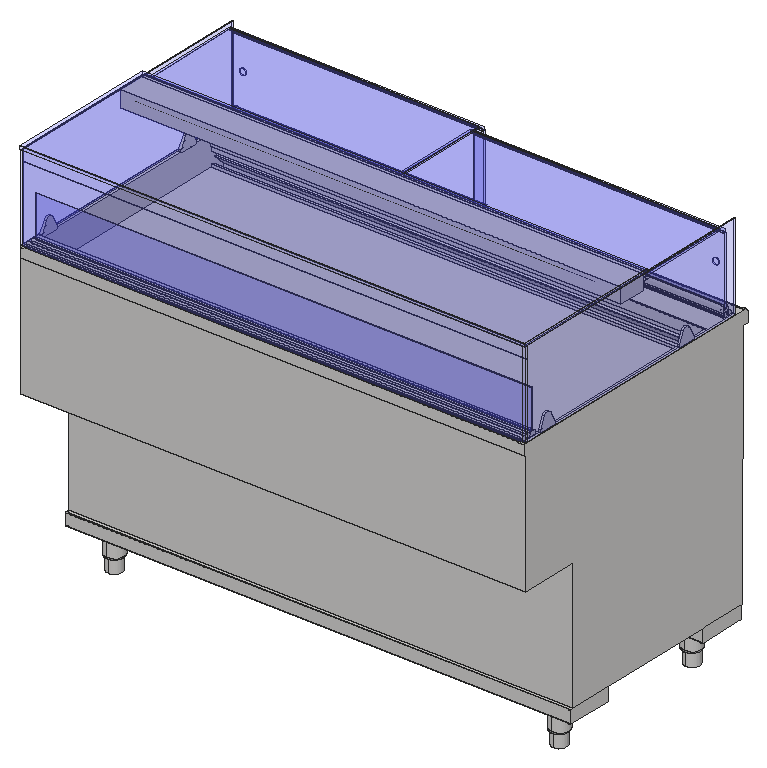
Revit family "Food-Service-Equipment_Oscartek_Gem_R4-C1500", category Specialty Equipment, Revit 2026
Family settings
  Round Connector Dimension = Use Diameter
  Part Type = Normal
  Classification Number = 23.40.40.11.17
  Work Plane-Based = No
  Enable Cutting in Views = No
  Always vertical = Yes
  Cut with Voids When Loaded = No
  Maintain Annotation Orientation = No
  Shared = No
  Room Calculation Point = No
Parameters
  Width = 59"  # constant formula
  Weight in Pounds = 352
  Watts = Volts * FL Amps  # 1560 W
  Waste Water Discharge Temperature [instance] = -459.67 °F
  Volts = 120 V
  URL Cutsheet = "www.oscartek.com"
  URL = "www.oscartek.com"
  Type Mark [instance] = ""
  Type Comments = "As Specified"
  Test Data = "http://www.oscartek.com/company/clients.php"
  Status [instance] = ""
  Specification by User [instance] = ""
  Specification by Manufacturer = ""
  Specification = "https://www.arcat.com/arcatcos/cos48/arc48760.html"
  Show Clearance [instance] = yes
  Serial Number = ""
  Seismic Rating = ""
  Sales Information = "http://www.oscartek.com/company/contact.php"
  SMACNA No = ""
  Revision Code [instance] = ""
  Revision = "R1_2018-10"
  Refrigerant Type [instance] = "R404A"
  Product Data = "http://www.oscartek.com/support/manuals/"
  Plumbing Remarks [instance] = ""
  Plumbing Connection Type [instance] = ""
  Phase = 1
  Omniclass Number and Title = ""
  Number of Poles [instance] = 1
  NAFEM Spec ID Number = ""
  Model = "GEM R4 C1500"
  Min Ckt Ampacity = 0 A
  Max Overcurrent Protection = 0 A
  Masterspec = ""
  Manufacturer Website = "http://www.oscartek.com/index.php"
  Manufacturer Phone - Toll Free = "855-885-2400"
  Manufacturer Phone = "650-342-2400"
  Manufacturer Fax = "650-342-7400"
  Manufacturer Address = "361 Beach Rd., Burlingame, CA 94010"
  Manufacturer = "OSCARTEK"
  Light Length = Width - 2"  # 57"
  Item Number [instance] = ""
  Installed By [instance] = ""
  Installation-Fabrication = "http://www.oscartek.com/support/manuals/"
  Indirect Waste Size = 1"
  Indirect Waste Flow [instance] = 0 GPM
  Indirect Waste Connection Type [instance] = ""
  Indirect Waste Connection Height = 0"
  Identify Quantity as Lot [instance] = yes
  HP = ""
  Green Building-LEED = "https://www.arcat.com/green/green_building.shtml"
  Furnished By [instance] = ""
  Foodservice Equipment Identifier [instance] = yes
  FL Amps = 13 A
  Electrical Remarks [instance] = ""
  Electric Connection Type [instance] = ""
  Elec Conn RI Height [instance] = 0"
  Elec Conn Connection Height [instance] = 0"
  Drawn By = "Sumex Design, Inc. / Robert S. Weygant, CSI, CDT, SCIP"
  Description = "GEM R4 CHOCOLATE SHOWCASE"
  Default Elevation = 0"
  Cycle = 60 Hz
  Copyright = "©Arcat Inc."
  Construction Details = "http://www.oscartek.com/support/manuals/"
  Conn Plug = ""
  Conn Conduit = yes
  Category = ""
  CSI MasterFormat = "11 41 13"
  CSI Master Format = "Refrigerated Food Storage Cases"
  Building Codes = "https://www.arcat.com/arcatcos/cos48/arc48760.html"
  Body Finish [instance] = QF_Finishes_Stainless Steel
  Apparent Power = if(Phase = 3, Volts * FL Amps * 1.73, Volts * FL Amps)  # 1560 VA
Reference planes (in)
  plane 1 "BACK": y = 0
  plane 2: z = 0
  plane 3 "LEFT": x = 0
  plane 4 "RIGHT": x = 59
  plane 5 "FRONT": y = -32.5
  plane 6 "TOP": z = 47.25
  plane 7 "Center Y": x = 29.5
  plane 8 "Center X": y = -16.25
  plane 9 "Base Height": z = 6
  plane 10: z = 21.25
  plane 11 "Right Off": x = 55.5
  plane 12: x = 0.5
  plane 13: x = 58.5
Forms (in)
  Revolve 1, solid, material "QF_Finishes_Stainless Steel"
    sketch origin (3.5, 0, 0) x (0, 1, 0) y (0, 0, 1)
      loop
        line (-23.11019, 0) -> (-22.24405, 0) -> (-22.24405, 1.57481) -> (-22.15737, 1.57481)
        arc (-22.15737, 1.57481) -> (-22.05163, 1.61861) -> (-22.00783, 1.72436) r 0.14954
        line (-22.00783, 1.72436) -> (-22.00783, 4.46851) -> (-23.11019, 4.46851) -> (-23.11019, 0)
      axis (-23.11019, 0) -> (-23.11019, 4.46851)
    angle from 0 to 360
  Revolve 2, solid, material "QF_Finishes_Stainless Steel"
    sketch origin (3.5, 19.37004, 0) x (0, 1, 0) y (0, 0, 1)
      loop
        line (-23.11019, 0) -> (-22.24405, 0) -> (-22.24405, 1.57481) -> (-22.15737, 1.57481)
        arc (-22.15737, 1.57481) -> (-22.05163, 1.61861) -> (-22.00783, 1.72436) r 0.14954
        line (-22.00783, 1.72436) -> (-22.00783, 4.46851) -> (-23.11019, 4.46851) -> (-23.11019, 0)
      axis (-23.11019, 0) -> (-23.11019, 4.46851)
    angle from 0 to 360
  Extrusion 3, solid, material "QF_Finishes_Stainless Steel" <- "Body Finish"
    sketch origin (0, 0, 0) x (0, 1, 0) y (0, 0, 1)
      loop
        line (-25.80359, 4.46851) -> (-20.41679, 4.46851)
        arc (-20.41679, 4.46851) -> (-20.3726, 4.48681) -> (-20.35429, 4.53101) r 0.0625
        line (-20.35429, 4.53101) -> (-20.35429, 5.9375)
        arc (-20.35429, 5.9375) -> (-20.3726, 5.98169) -> (-20.41679, 6) r 0.0625
        line (-20.41679, 6) -> (-25.80359, 6)
        arc (-25.80359, 6) -> (-25.84778, 5.98169) -> (-25.86609, 5.9375) r 0.0625
        line (-25.86609, 5.9375) -> (-25.86609, 4.53101)
        arc (-25.86609, 4.53101) -> (-25.84778, 4.48681) -> (-25.80359, 4.46851) r 0.0625
      loop
        line (-6.43355, 4.46851) -> (-1.04675, 4.46851)
        arc (-1.04675, 4.46851) -> (-1.00256, 4.48681) -> (-0.98425, 4.53101) r 0.0625
        line (-0.98425, 4.53101) -> (-0.98425, 5.9375)
        arc (-0.98425, 5.9375) -> (-1.00256, 5.98169) -> (-1.04675, 6) r 0.0625
        line (-1.04675, 6) -> (-6.43355, 6)
        arc (-6.43355, 6) -> (-6.47774, 5.98169) -> (-6.49605, 5.9375) r 0.0625
        line (-6.49605, 5.9375) -> (-6.49605, 4.53101)
        arc (-6.49605, 4.53101) -> (-6.47774, 4.48681) -> (-6.43355, 4.46851) r 0.0625
    from 0 to 59
  Revolve 4, solid, material "QF_Finishes_Stainless Steel"
    sketch origin (55.5, 0, 0) x (0, 0, -1) y (0, -1, 0)
      loop
        line (0, 23.11019) -> (-4.46851, 23.11019) -> (-4.46851, 22.00783) -> (-1.72436, 22.00783)
        arc (-1.72436, 22.00783) -> (-1.61861, 22.05163) -> (-1.57481, 22.15737) r 0.14954
        line (-1.57481, 22.15737) -> (-1.57481, 22.24405) -> (0, 22.24405) -> (0, 23.11019)
      axis (0, 23.11019) -> (-4.46851, 23.11019)
    angle from 0 to 360
  Revolve 5, solid, material "QF_Finishes_Stainless Steel"
    sketch origin (55.5, 0, 0) x (0, 0, -1) y (0, -1, 0)
      loop
        line (0, 3.74015) -> (-4.46851, 3.74015) -> (-4.46851, 2.63779) -> (-1.72436, 2.63779)
        arc (-1.72436, 2.63779) -> (-1.61861, 2.68159) -> (-1.57481, 2.78733) r 0.14954
        line (-1.57481, 2.78733) -> (-1.57481, 2.87401) -> (0, 2.87401) -> (0, 3.74015)
      axis (0, 3.74015) -> (-4.46851, 3.74015)
    angle from 0 to 360
  Extrusion 6, solid, material "QF_Finishes_Stainless Steel" <- "Body Finish"
    sketch origin (0, 0, 0) x (0, 1, 0) y (0, 0, 1)
      loop
        line (-25.47239, 21.25) -> (-25.47239, 6) -> (-0.7874, 6) -> (-0.7874, 21.25) -> (-0.7249, 21.25) -> (-0.7249, 34.61516) -> (-0.68752, 34.61516) -> (-0.67716, 34.89142) -> (-0.67716, 35.15076)
        arc (-0.67716, 35.15076) -> (-0.6706, 35.1666) -> (-0.65475, 35.17317) r 0.02241
        line (-0.65475, 35.17317) -> (-0.03927, 35.17317)
        arc (-0.03927, 35.17317) -> (-0.0115, 35.18467) -> (0, 35.21244) r 0.03927
        line (0, 35.21244) -> (0, 36.32277)
        arc (0, 36.32277) -> (-0.12454, 36.62343) -> (-0.4252, 36.74797) r 0.4252
        line (-0.4252, 36.74797) -> (-5.47181, 36.74797)
        arc (-5.47181, 36.74797) -> (-5.50009, 36.73626) -> (-5.5118, 36.70798) r 0.03999
        line (-5.5118, 36.70798) -> (-5.5118, 35.5275) -> (-5.3394, 35.5275) -> (-5.3394, 34.97632) -> (-4.39502, 34.97632) -> (-4.06169, 34.64367) -> (-4.60103, 34.10433) -> (-4.78375, 34.28705) -> (-4.80602, 34.26478) -> (-3.49999, 32.95549) -> (-3.49999, 32.19891) -> (-4.09842, 32.19891) -> (-4.09842, 32.70678) -> (-4.95064, 33.559) -> (-5.33463, 33.559) -> (-5.33463, 33.29404) -> (-29.1023, 33.29404) -> (-29.1023, 33.59837) -> (-30.3149, 33.59837) -> (-30.3149, 35.5275) -> (-30.23616, 35.5275) -> (-30.23616, 36.74797) -> (-32.45, 36.74797)
        arc (-32.45, 36.74797) -> (-32.48536, 36.73332) -> (-32.5, 36.69797) r 0.05
        line (-32.5, 36.69797) -> (-32.5, 35.5275) -> (-32.40151, 35.5275) -> (-32.40151, 21.25) -> (-25.47239, 21.25)
    from 0.5 to 58.5
  Extrusion 7, solid, material "QF_Finishes_Stainless Steel" <- "Body Finish"
    sketch origin (59, 0, 0) x (0, 1, 0) y (0, 0, 1)
      loop
        line (-0.4252, 36.74797) -> (-32.45, 36.74797)
        arc (-32.45, 36.74797) -> (-32.48536, 36.73332) -> (-32.5, 36.69797) r 0.05
        line (-32.5, 36.69797) -> (-32.5, 35.5275) -> (-32.40151, 35.5275) -> (-32.40151, 21.25) -> (-25.47239, 21.25) -> (-25.47239, 6) -> (-0.7874, 6) -> (-0.7874, 21.25) -> (-0.7249, 21.25) -> (-0.7249, 34.61516) -> (-0.68752, 34.61516) -> (-0.67716, 34.89142) -> (-0.67716, 35.15076)
        arc (-0.67716, 35.15076) -> (-0.6706, 35.1666) -> (-0.65475, 35.17317) r 0.02241
        line (-0.65475, 35.17317) -> (-0.03927, 35.17317)
        arc (-0.03927, 35.17317) -> (-0.0115, 35.18467) -> (0, 35.21244) r 0.03927
        line (0, 35.21244) -> (0, 36.32277)
        arc (0, 36.32277) -> (-0.12454, 36.62343) -> (-0.4252, 36.74797) r 0.4252
    from 0 to -0.5
  Extrusion 8, solid, material "QF_Finishes_Stainless Steel" <- "Body Finish"
    sketch origin (0, 0, 0) x (0, 1, 0) y (0, 0, -1)
      loop
        arc (-0.4252, -36.74797) -> (-0.12454, -36.62343) -> (0, -36.32277) r 0.4252
        line (0, -36.32277) -> (0, -35.21244)
        arc (0, -35.21244) -> (-0.0115, -35.18467) -> (-0.03927, -35.17317) r 0.03927
        line (-0.03927, -35.17317) -> (-0.65475, -35.17317)
        arc (-0.65475, -35.17317) -> (-0.6706, -35.1666) -> (-0.67716, -35.15076) r 0.02241
        line (-0.67716, -35.15076) -> (-0.67716, -34.89142) -> (-0.68752, -34.61516) -> (-0.7249, -34.61516) -> (-0.7249, -21.25) -> (-0.7874, -21.25) -> (-0.7874, -6) -> (-25.47239, -6) -> (-25.47239, -21.25) -> (-32.40151, -21.25) -> (-32.40151, -35.5275) -> (-32.5, -35.5275) -> (-32.5, -36.69797)
        arc (-32.5, -36.69797) -> (-32.48536, -36.73332) -> (-32.45, -36.74797) r 0.05
        line (-32.45, -36.74797) -> (-0.4252, -36.74797)
    from 0 to -0.5
  Extrusion 9, solid, material "QF_Finishes_Stainless Steel" <- "Body Finish"
    sketch origin (0, -0.13787, 0) x (0, 1, 0) y (0, 0, 1)
      loop
        line (-31.04324, 37.1023) -> (-31.04324, 36.74797) -> (-30.25584, 36.74797) -> (-30.25584, 37.1023) -> (-30.29521, 37.14167) -> (-30.55111, 37.14167) -> (-30.55111, 36.84654) -> (-30.74796, 36.84654) -> (-30.74796, 37.14167) -> (-31.00387, 37.14167) -> (-31.04324, 37.1023)
    from 0.5 to 58.5
  Extrusion 10, solid, material "QF_Finishes_Stainless Steel" <- "Body Finish"
    sketch origin (0, 0, 0) x (0, 1, 0) y (0, 0, 1)
      loop
        arc (-2.24162, 38.09897) -> (-2.28099, 38.0596) -> (-2.24162, 38.02023) r 0.03937
        arc (-2.24162, 38.02023) -> (-2.2816, 37.60524) -> (-2.25244, 37.18934) r 2.5139
        arc (-2.25244, 37.18934) -> (-2.24724, 37.0966) -> (-2.24162, 37.00387) r 20.5137
        arc (-2.24162, 37.00387) -> (-2.28099, 36.9645) -> (-2.24162, 36.92513) r 0.03937
        line (-2.24162, 36.92513) -> (-2.20225, 36.92513) -> (-2.20225, 37.24009) -> (-1.80855, 37.24009) -> (-1.80855, 36.92513) -> (-1.76918, 36.92513)
        arc (-1.76918, 36.92513) -> (-1.72981, 36.9645) -> (-1.76918, 37.00387) r 0.03937
        arc (-1.76918, 37.00387) -> (-1.76357, 37.0966) -> (-1.75837, 37.18934) r 20.5137
        arc (-1.75837, 37.18934) -> (-1.72921, 37.60524) -> (-1.76918, 38.02023) r 2.5139
        arc (-1.76918, 38.02023) -> (-1.72981, 38.0596) -> (-1.76918, 38.09897) r 0.03937
        line (-1.76918, 38.09897) -> (-1.80855, 38.09897) -> (-1.80855, 37.50842) -> (-2.20225, 37.50842) -> (-2.20225, 38.09897) -> (-2.24162, 38.09897)
    from 0.5 to 29.875
  Extrusion 11, solid, material "QF_Finishes_Stainless Steel" <- "Body Finish"
    sketch origin (39.25, 0, 0) x (0, 1, 0) y (0, 0, -1)
      loop
        line (-32.32276, -36.80702) -> (-32.1456, -36.80702) -> (-32.1456, -37.04324)
        arc (-32.1456, -37.04324) -> (-32.10524, -37.14068) -> (-32.0078, -37.18104) r 0.13779
        arc (-32.0078, -37.18104) -> (-31.91037, -37.14068) -> (-31.87001, -37.04324) r 0.13779
        line (-31.87001, -37.04324) -> (-31.87001, -36.80702) -> (-31.49599, -36.80702) -> (-31.49599, -37.04324)
        arc (-31.49599, -37.04324) -> (-31.45564, -37.14068) -> (-31.3582, -37.18104) r 0.1378
        arc (-31.3582, -37.18104) -> (-31.26076, -37.14068) -> (-31.2204, -37.04324) r 0.1378
        line (-31.2204, -37.04324) -> (-31.2204, -36.80702) -> (-31.04324, -36.80702) -> (-31.04324, -36.74797) -> (-32.32276, -36.74797) -> (-32.32276, -36.80702)
      loop
        line (-1.86761, -36.80702) -> (-1.69044, -36.80702) -> (-1.69044, -36.74797) -> (-2.87622, -36.74797) -> (-2.87622, -36.80702) -> (-2.69905, -36.80702) -> (-2.69905, -37.04324)
        arc (-2.69905, -37.04324) -> (-2.6587, -37.14068) -> (-2.56126, -37.18104) r 0.1378
        arc (-2.56126, -37.18104) -> (-2.46382, -37.14068) -> (-2.42346, -37.04324) r 0.1378
        line (-2.42346, -37.04324) -> (-2.42346, -36.80702) -> (-2.1432, -36.80702) -> (-2.1432, -37.04324)
        arc (-2.1432, -37.04324) -> (-2.10284, -37.14068) -> (-2.0054, -37.18104) r 0.1378
        arc (-2.0054, -37.18104) -> (-1.90797, -37.14068) -> (-1.86761, -37.04324) r 0.1378
        line (-1.86761, -37.04324) -> (-1.86761, -36.80702)
    from -19.25 to 38.75
  Extrusion 12, solid, material "QF_Finishes_Stainless Steel" <- "Body Finish"
    sketch origin (0, 0, 0) x (0, 1, 0) y (0, 0, 1)
      loop
        arc (-2.34066, 37.00387) -> (-2.33505, 37.0966) -> (-2.32985, 37.18934) r 20.5137
        arc (-2.32985, 37.18934) -> (-2.30069, 37.60524) -> (-2.34066, 38.02023) r 2.5139
        arc (-2.34066, 38.02023) -> (-2.30129, 38.0596) -> (-2.34066, 38.09897) r 0.03937
        line (-2.34066, 38.09897) -> (-2.38003, 38.09897) -> (-2.38003, 37.50842) -> (-2.77373, 37.50842) -> (-2.77373, 38.09897) -> (-2.8131, 38.09897)
        arc (-2.8131, 38.09897) -> (-2.85247, 38.0596) -> (-2.8131, 38.02023) r 0.03937
        arc (-2.8131, 38.02023) -> (-2.85308, 37.60524) -> (-2.82392, 37.18934) r 2.5139
        arc (-2.82392, 37.18934) -> (-2.81872, 37.0966) -> (-2.8131, 37.00387) r 20.5137
        arc (-2.8131, 37.00387) -> (-2.85247, 36.9645) -> (-2.8131, 36.92513) r 0.03937
        line (-2.8131, 36.92513) -> (-2.77373, 36.92513) -> (-2.77373, 37.24009) -> (-2.38003, 37.24009) -> (-2.38003, 36.92513) -> (-2.34066, 36.92513)
        arc (-2.34066, 36.92513) -> (-2.30129, 36.9645) -> (-2.34066, 37.00387) r 0.03937
    from 29.125 to 58.5
  Extrusion 13, solid, material "QF_Finishes_Stainless Steel"
    sketch origin (0, 0, 0) x (1, 0, 0) y (0, 1, 0)
      loop
        circle (55, -4.75) r 0.5
    from 21.25 to 23.44957
  Extrusion 14, solid, material "Glass"
    sketch origin (0, 0, 0) x (0, 1, 0) y (0, 0, 1)
      loop
        line (-32.06693, 46.8503) -> (-14.62602, 46.8503) -> (-14.62602, 47.244) -> (-32.53937, 47.244) -> (-32.53937, 46.8503) -> (-32.46063, 46.8503) -> (-32.46063, 36.65347) -> (-32.06693, 36.65347) -> (-32.06693, 45.33455) -> (-32.06693, 46.8503)
    from 0 to 59
  Extrusion 15, solid, material "Glass"
    sketch origin (0, 0, 0) x (0, 1, 0) y (0, 0, 1)
      loop
        line (-30.88583, 41.77157) -> (-30.88583, 36.75204) -> (-30.72835, 36.75204) -> (-30.72835, 41.77157) -> (-30.88583, 41.77157)
    from 0.5 to 58.5
  Extrusion 16, solid, material "Glass"
    sketch origin (0, 0, 0) x (0, 1, 0) y (0, 0, 1)
      loop
        line (-32.46063, 36.74797) -> (-30.37402, 36.74797) -> (-3.76932, 36.74797) -> (-1.66507, 36.74797) -> (-1.66507, 46.8503) -> (-32.46063, 46.8503) -> (-32.46063, 36.74797)
    from 0 to 0.25
  Extrusion 17, solid, material "Glass"
    sketch origin (59, 0, 0) x (0, 1, 0) y (0, 0, 1)
      loop
        line (-32.46063, 36.74797) -> (-30.37402, 36.74797) -> (-3.76932, 36.74797) -> (-1.66507, 36.74797) -> (-1.66507, 46.8503) -> (-32.46063, 46.8503) -> (-32.46063, 36.74797)
    from 0 to -0.25
  Extrusion 18, solid, material "QF_Finishes_Stainless Steel"
    sketch origin (0, 0, 0) x (0, 1, 0) y (0, 0, 1)
      loop
        line (-14.31106, 45.96447) -> (-14.31106, 46.00384) -> (-14.98035, 46.00384) -> (-14.98035, 46.33849) -> (-14.31106, 46.33849) -> (-14.31106, 46.37786) -> (-14.98035, 46.37786) -> (-14.98035, 46.7125) -> (-14.31106, 46.7125) -> (-14.31106, 46.75187) -> (-15.01972, 46.75187) -> (-15.01972, 46.8503) -> (-18.14402, 46.8503) -> (-18.14402, 45.05563) -> (-17.79411, 45.05563) -> (-17.79411, 46.30563) -> (-15.35179, 46.30563) -> (-15.35179, 45.05563) -> (-15.01972, 45.05563) -> (-15.01972, 45.96447) -> (-14.31106, 45.96447)
    from 0.25 to 58.75
  Extrusion 19, solid, material "Glass"
    sketch origin (59, 0, 0) x (0, 1, 0) y (0, 0, 1)
      loop
        line (-14.86224, 46.04133) -> (-3.24184, 46.04133)
        arc (-3.24184, 46.04133) -> (-2.85209, 45.87989) -> (-2.69066, 45.49015) r 0.55118
        line (-2.69066, 45.49015) -> (-2.69066, 37.5) -> (-2.45444, 37.5) -> (-2.45444, 45.49015)
        arc (-2.45444, 45.49015) -> (-2.68506, 46.04692) -> (-3.24184, 46.27755) r 0.7874
        line (-3.24184, 46.27755) -> (-14.86224, 46.27755) -> (-14.86224, 46.04133)
    from -0.5 to -29.875
  Extrusion 20, solid, material "Glass"
    sketch origin (0, 0, 0) x (0, 1, 0) y (0, 0, 1)
      loop
        line (-2.67097, 46.66329) -> (-14.86224, 46.66329) -> (-14.86224, 46.42707) -> (-2.67097, 46.42707)
        arc (-2.67097, 46.42707) -> (-2.28123, 46.26564) -> (-2.11979, 45.87589) r 0.55118
        line (-2.11979, 45.87589) -> (-2.11979, 37.51173) -> (-1.88357, 37.51173) -> (-1.88357, 45.87589)
        arc (-1.88357, 45.87589) -> (-2.1142, 46.43267) -> (-2.67097, 46.66329) r 0.7874
    from 29.875 to 0.5
  Extrusion 21, solid, material "QF_Finishes_Stainless Steel"
    sketch origin (0, 0, 0) x (0, 1, 0) y (0, 0, 1)
      loop
        line (-17.79411, 45.05563) -> (-15.35179, 45.05563) -> (-15.35179, 46.30563) -> (-17.79411, 46.30563) -> (-17.79411, 45.05563)
    from 0.25 to 0.5
  Extrusion 22, solid, material "QF_Finishes_Stainless Steel"
    sketch origin (59, 0, 0) x (0, 1, 0) y (0, 0, 1)
      loop
        line (-17.79411, 45.05563) -> (-15.35179, 45.05563) -> (-15.35179, 46.30563) -> (-17.79411, 46.30563) -> (-17.79411, 45.05563)
    from -0.25 to -0.5
  Extrusion 23, void
    sketch origin (0, -1.88357, 37.51173) x (0, 0, -1) y (1, 0, 0)
      loop
        circle (-4.61781, 1.60975) r 0.375
    from 0 to 0.125
  Extrusion 24, void
    sketch origin (59, -2.45444, 37.5) x (0, 0, -1) y (1, 0, 0)
      loop
        circle (-4.62954, -47.51525) r 0.375
      loop
        circle (-4.62954, -1.60975) r 0.375
    from 0 to 0.125
  Extrusion 25, solid, material "QF_Finishes_Stainless Steel"
    sketch origin (0, 0, 0) x (0, 1, 0) y (0, 0, 1)
      loop
        line (-8.98096, 38.16729) -> (-9.60646, 36.93969)
        arc (-9.60646, 36.93969) -> (-9.5989, 36.74747) -> (-9.43106, 36.65347) r 0.19685
        line (-9.43106, 36.65347) -> (-7.68897, 36.65347)
        arc (-7.68897, 36.65347) -> (-7.52113, 36.74747) -> (-7.51357, 36.93969) r 0.19685
        line (-7.51357, 36.93969) -> (-8.13907, 38.16729)
        arc (-8.13907, 38.16729) -> (-8.56002, 38.42524) -> (-8.98096, 38.16729) r 0.47244
      loop
        line (-27.82128, 36.93969) -> (-28.44677, 38.16729)
        arc (-28.44677, 38.16729) -> (-28.86772, 38.42524) -> (-29.28867, 38.16729) r 0.47244
        line (-29.28867, 38.16729) -> (-29.91416, 36.93969)
        arc (-29.91416, 36.93969) -> (-29.90661, 36.74747) -> (-29.73877, 36.65347) r 0.19685
        line (-29.73877, 36.65347) -> (-27.99668, 36.65347)
        arc (-27.99668, 36.65347) -> (-27.82883, 36.74747) -> (-27.82128, 36.93969) r 0.19685
    from 0.25 to 0.5
  Extrusion 26, solid, material "QF_Finishes_Stainless Steel"
    sketch origin (59, 0, 0) x (0, 1, 0) y (0, 0, 1)
      loop
        line (-8.98096, 38.16729) -> (-9.60646, 36.93969)
        arc (-9.60646, 36.93969) -> (-9.5989, 36.74747) -> (-9.43106, 36.65347) r 0.19685
        line (-9.43106, 36.65347) -> (-7.68897, 36.65347)
        arc (-7.68897, 36.65347) -> (-7.52113, 36.74747) -> (-7.51357, 36.93969) r 0.19685
        line (-7.51357, 36.93969) -> (-8.13907, 38.16729)
        arc (-8.13907, 38.16729) -> (-8.56002, 38.42524) -> (-8.98096, 38.16729) r 0.47244
      loop
        line (-27.82128, 36.93969) -> (-28.44677, 38.16729)
        arc (-28.44677, 38.16729) -> (-28.86772, 38.42524) -> (-29.28867, 38.16729) r 0.47244
        line (-29.28867, 38.16729) -> (-29.91416, 36.93969)
        arc (-29.91416, 36.93969) -> (-29.90661, 36.74747) -> (-29.73877, 36.65347) r 0.19685
        line (-29.73877, 36.65347) -> (-27.99668, 36.65347)
        arc (-27.99668, 36.65347) -> (-27.82883, 36.74747) -> (-27.82128, 36.93969) r 0.19685
    from -0.25 to -0.5
  Extrusion 27, solid, material "QF_Finishes_Stainless Steel"
    sketch origin (0, -0.7874, 35.98813) x (0, 0, -1) y (-1, 0, 0)
      loop
        line (15.63056, -52.7227) -> (16.88056, -52.7227) -> (16.88056, -47.4727) -> (15.63056, -47.4727) -> (15.63056, -52.7227)
    from 0 to 1
  Extrusion 28, solid, material "QF_Finishes_Black"
    sketch origin (0, -0.7874, 35.48813) x (0, 0, -1) y (-1, 0, 0)
      loop
        line (19.92986, -55.60892) -> (28.67986, -55.60892) -> (28.67986, -53.60892) -> (19.92986, -53.60892) -> (19.92986, -55.60892)
      loop
        line (19.92986, -53.10892) -> (28.67986, -53.10892) -> (28.67986, -51.10892) -> (19.92986, -51.10892) -> (19.92986, -53.10892)
      loop
        line (19.92986, -50.60892) -> (28.67986, -50.60892) -> (28.67986, -48.60892) -> (19.92986, -48.60892) -> (19.92986, -50.60892)
      loop
        line (28.67986, -48.10892) -> (28.67986, -46.10892) -> (21.92986, -46.10892) -> (19.92986, -48.10892) -> (28.67986, -48.10892)
      loop
        line (28.67986, -45.60892) -> (28.67986, -43.60892) -> (24.42986, -43.60892) -> (22.42986, -45.60892) -> (28.67986, -45.60892)
    from 0 to 0.0625
  Extrusion 29, solid, material "QF_Finishes_Door Clearance", visible <- "Show Clearance", detail levels coarse
    sketch origin (0, 0, 0) x (0, 1, 0) y (0, 0, 1)
      loop
        line (-14.62602, 47.244) -> (-14.62602, 65.15735)
        arc (-14.62602, 65.15735) -> (-27.29267, 59.91065) -> (-32.53937, 47.244) r 17.91335
        line (-32.53937, 47.244) -> (-14.62602, 47.244)
    from 0 to 59 <- "Width"
Cuts and joins
  joined: Extrusion 6, Extrusion 7, Extrusion 8
  joined: Extrusion 18, Extrusion 21, Extrusion 22
  Extrusion 23, Extrusion 24 cuts Extrusion 20
  Extrusion 24 cuts Extrusion 19
Lines and regions (in)
  Split face 1
    outline origin (0, 0.2126, 35.98813) x (0, 0, -1) y (-1, 0, 0)
      loop
        line (15.84103, -52.34202) -> (16.59103, -52.34202) -> (16.59103, -47.84202) -> (15.84103, -47.84202) -> (15.84103, -52.34202)
  symbolic lines, style "QF-Surface Details"
    curve 1: line (13.42189, -9.74271, 0) -> (16.60387, -6.56073, 0)
    curve 2: line (13.09142, -11.18339, 0) -> (18.04117, -6.23365, 0)
    curve 3: line (14.6841, -11.00493, 0) -> (18.04286, -7.64617, 0)
    curve 4: line (13.42189, -25.74271, 0) -> (16.60387, -22.56073, 0)
    curve 5: line (13.09142, -27.18339, 0) -> (18.04117, -22.23365, 0)
    curve 6: line (14.6841, -27.00493, 0) -> (18.04286, -23.64617, 0)
    curve 7: line (41.48225, -9.74271, 0) -> (44.66423, -6.56073, 0)
    curve 8: line (41.15178, -11.18339, 0) -> (46.10153, -6.23365, 0)
    curve 9: line (42.74446, -11.00493, 0) -> (46.10322, -7.64617, 0)
    curve 10: line (41.48225, -25.74271, 0) -> (44.66423, -22.56073, 0)
    curve 11: line (41.15178, -27.18339, 0) -> (46.10153, -22.23365, 0)
    curve 12: line (42.74446, -27.00493, 0) -> (46.10322, -23.64617, 0)
  symbolic lines
    curve 13: line (0, 0, 0) -> (59, 0, 0)
    curve 14: line (0, -32.53937, 0) -> (0, 0, 0)
    curve 15: line (59, -32.53937, 0) -> (0, -32.53937, 0)
    curve 16: line (59, 0, 0) -> (59, -32.53937, 0)
    curve 17: line (59, -14.62602, 0) -> (0, -14.62602, 0)
    curve 18: line (0.25, -14.62602, 0) -> (0.25, -1.66507, 0)
    curve 19: line (0.25, -1.66507, 0) -> (0, -1.66507, 0)
    curve 20: line (59, -1.66507, 0) -> (58.75, -1.66507, 0)
    curve 21: line (58.75, -1.66507, 0) -> (58.75, -14.62602, 0)
    curve 22: line (58.75, -14.31106, 0) -> (0.25, -14.31106, 0)
    curve 23: line (0.5, -1.69044, 0) -> (0.5, -14.31106, 0)
    curve 24: line (29.875, -14.31106, 0) -> (29.875, -1.69044, 0)
    curve 25: line (58.5, -14.31106, 0) -> (58.5, -1.69044, 0)
    curve 26: line (58.5, -1.69044, 0) -> (0.5, -1.69044, 0)
    curve 27: line (29.875, -2.38003, 0) -> (58.5, -2.38003, 0)
    curve 28: line (0.5, -1.80855, 0) -> (29.875, -1.80855, 0)
Dimensions and locks (in)
  equal spacing: plane 3 "LEFT", plane 7 "Center Y", plane 4 "RIGHT"
  "Width": plane 3 "LEFT" to plane 4 "RIGHT"
  equal spacing: plane 5 "FRONT", plane 8 "Center X", plane 1 "BACK"
  plane 5 "FRONT" to plane 1 "BACK" = 32 1/2"
  plane 6 "TOP" to level = 47 1/4"
  plane 9 "Base Height" to level = 6"
  plane 10 to level = 21 1/4"
  locked: plane 11 "Right Off" to plane 4 "RIGHT" at 3.5
  locked: plane 13 to plane 4 "RIGHT" at 0.5
  locked: plane 3 "LEFT" to plane 12 at 0.5
  cut or joined group of Extrusion 20, Extrusion 23, Extrusion 24 to plane 7 "Center Y" to cut or joined group of Extrusion 19, Extrusion 24 = 3/8" locked, 3/8" locked
  Extrusion 10 to plane 7 "Center Y" to Extrusion 12 = 3/8" locked, 3/8" locked
  locked: cut or joined group of Extrusion 18, Extrusion 21, Extrusion 22 to plane 3 "LEFT" at 0.25
  locked: Extrusion 15 to plane 3 "LEFT" at 0.5
  locked: plane 4 "RIGHT" to cut or joined group of Extrusion 18, Extrusion 21, Extrusion 22 at 0.25
  aligned and locked: level to plane 2
  aligned: plane 4 "RIGHT" to Extrusion 6
  aligned and locked: plane 4 "RIGHT" to Extrusion 3
  aligned and locked: Extrusion 6 to plane 12
  aligned and locked: plane 13 to Extrusion 6
  aligned and locked: Extrusion 7 to plane 13
  aligned and locked: plane 12 to Extrusion 8
  aligned and locked: Extrusion 9 to plane 12
  aligned and locked: plane 13 to Extrusion 9
  aligned and locked: Extrusion 10 to plane 12
  aligned and locked: Extrusion 11 to plane 12
  aligned and locked: plane 13 to Extrusion 11
  aligned and locked: plane 13 to Extrusion 12
  aligned and locked: plane 4 "RIGHT" to Extrusion 14
  aligned: plane 4 "RIGHT" to Extrusion 15
  aligned: Extrusion 15 to plane 12
  aligned and locked: plane 13 to Extrusion 15
  aligned and locked: plane 7 "Center Y" to nested 1
Automatic sketch dimensions
  Revolve 1 sketch curve to level = 0"
  Revolve 1 sketch curve to plane 8 "Center X" = 6.86019"
  Revolve 1 sketch curve to Revolve 1 sketch curve = 0"  (x2)
  Revolve 1 sketch curve to Revolve 1 sketch curve = 0.86614"
  Revolve 1 sketch curve to Revolve 1 sketch curve = 0.08668"
  Revolve 1 sketch curve to Revolve 1 sketch curve = 0.14954"
  level to Revolve 1 sketch curve = 1.57481"
  Revolve 1 sketch curve to plane 9 "Base Height" = 1.53149"
  Revolve 1 sketch curve to plane 9 "Base Height" = 0.61582"
  Revolve 2 sketch curve to level = 0"
  plane 1 "BACK" to Revolve 2 sketch curve = 3.74015"
  Revolve 2 sketch curve to Revolve 2 sketch curve = 0"  (x2)
  Revolve 2 sketch curve to Revolve 2 sketch curve = 0.86614"
  Revolve 2 sketch curve to Revolve 2 sketch curve = 0.08668"
  Revolve 2 sketch curve to Revolve 2 sketch curve = 0.14954"
  level to Revolve 2 sketch curve = 1.57481"
  Revolve 2 sketch curve to plane 9 "Base Height" = 1.53149"
  Revolve 2 sketch curve to plane 9 "Base Height" = 0.61582"
  Extrusion 3 sketch curve to plane 9 "Base Height" = 0"  (x2)
  Extrusion 3 sketch curve to plane 9 "Base Height" = 1.46899"  (x2)
  Extrusion 3 sketch curve to plane 5 "FRONT" = 6.63391"
  Extrusion 3 sketch curve to Extrusion 3 sketch curve = 1/16"  (x6)
  Extrusion 3 sketch curve to plane 8 "Center X" = 4.16679"
  Extrusion 3 sketch curve to Extrusion 3 sketch curve = 0"
  plane 1 "BACK" to Extrusion 3 sketch curve = 6.49605"
  plane 1 "BACK" to Extrusion 3 sketch curve = 1.04675"  (x2)
  Revolve 4 sketch curve to level = 0"
  level to Revolve 4 sketch curve = 1.57481"
  Revolve 4 sketch curve to Revolve 4 sketch curve = 0.14954"
  Revolve 4 sketch curve to plane 9 "Base Height" = 1.53149"
  Revolve 4 sketch curve to Revolve 4 sketch curve = 0"  (x2)
  Revolve 4 sketch curve to plane 9 "Base Height" = 0.61582"
  Revolve 4 sketch curve to plane 8 "Center X" = 5 97/128"
  Revolve 4 sketch curve to Revolve 4 sketch curve = 0.08668"
  Revolve 4 sketch curve to Revolve 4 sketch curve = 1.10236"
  Revolve 5 sketch curve to level = 0"
  level to Revolve 5 sketch curve = 1.57481"
  Revolve 5 sketch curve to Revolve 5 sketch curve = 0.14954"
  Revolve 5 sketch curve to plane 9 "Base Height" = 1.53149"
  Revolve 5 sketch curve to Revolve 5 sketch curve = 0"  (x2)
  Revolve 5 sketch curve to plane 9 "Base Height" = 0.61582"
  plane 1 "BACK" to Revolve 5 sketch curve = 2.63779"
  Revolve 5 sketch curve to Revolve 5 sketch curve = 0.08668"
  Revolve 5 sketch curve to Revolve 5 sketch curve = 1.10236"
  Extrusion 6 sketch curve to plane 5 "FRONT" = 0"
  Extrusion 6 sketch curve to plane 10 = 0"  (x2)
  Extrusion 6 sketch curve to plane 9 "Base Height" = 0"
  Extrusion 6 sketch curve to plane 1 "BACK" = 0"
  Extrusion 6 sketch curve to Extrusion 6 sketch curve = 0.05"
  Extrusion 6 sketch curve to plane 5 "FRONT" = 0.09849"
  Extrusion 6 sketch curve to Extrusion 6 sketch curve = 2.08661"
  Extrusion 6 sketch curve to Extrusion 6 sketch curve = 0.07874"
  Extrusion 6 sketch curve to Extrusion 6 sketch curve = 1.2126"
  Extrusion 6 sketch curve to plane 5 "FRONT" = 7.02761"
  plane 1 "BACK" to Extrusion 6 sketch curve = 5.5118"
  Extrusion 6 sketch curve to Extrusion 6 sketch curve = 0.03999"
  Extrusion 6 sketch curve to Extrusion 6 sketch curve = 0.1724"
  Extrusion 6 sketch curve to Extrusion 6 sketch curve = 0.00476"
  Extrusion 6 sketch curve to Extrusion 6 sketch curve = 0.384"
  Extrusion 6 sketch curve to Extrusion 6 sketch curve = 0.14461"
  Extrusion 6 sketch curve to Extrusion 6 sketch curve = 0.02227"  (x2)
  Extrusion 6 sketch curve to Extrusion 6 sketch curve = 0.18272"
  Extrusion 6 sketch curve to Extrusion 6 sketch curve = 0.38873"
  Extrusion 6 sketch curve to Extrusion 6 sketch curve = 0.85222"
  Extrusion 6 sketch curve to Extrusion 6 sketch curve = 0.33333"
  Extrusion 6 sketch curve to Extrusion 6 sketch curve = 0.59842"
  plane 1 "BACK" to Extrusion 6 sketch curve = 0.7874"
  Extrusion 6 sketch curve to Extrusion 6 sketch curve = 1/16"
  Extrusion 6 sketch curve to Extrusion 6 sketch curve = 0.03738"
  Extrusion 6 sketch curve to Extrusion 6 sketch curve = 0.01036"
  Extrusion 6 sketch curve to Extrusion 6 sketch curve = 0.02241"
  plane 1 "BACK" to Extrusion 6 sketch curve = 0.4252"
  plane 1 "BACK" to Extrusion 6 sketch curve = 0.03927"
  plane 10 to Extrusion 6 sketch curve = 10.94891"
  Extrusion 6 sketch curve to Extrusion 6 sketch curve = 0.50787"
  Extrusion 6 sketch curve to Extrusion 6 sketch curve = 0.24871"
  Extrusion 6 sketch curve to Extrusion 6 sketch curve = 0.58726"
  Extrusion 6 sketch curve to Extrusion 6 sketch curve = 0.26496"
  Extrusion 6 sketch curve to Extrusion 6 sketch curve = 0.30433"
  Extrusion 6 sketch curve to Extrusion 6 sketch curve = 0.54533"
  Extrusion 6 sketch curve to Extrusion 6 sketch curve = 0.16045"
  Extrusion 6 sketch curve to Extrusion 6 sketch curve = 1.65968"
  Extrusion 6 sketch curve to Extrusion 6 sketch curve = 0.27626"
  Extrusion 6 sketch curve to Extrusion 6 sketch curve = 0.33265"
  Extrusion 6 sketch curve to Extrusion 6 sketch curve = 0.25933"
  Extrusion 6 sketch curve to Extrusion 6 sketch curve = 1.92913"
  Extrusion 6 sketch curve to Extrusion 6 sketch curve = 0"
  Extrusion 6 sketch curve to Extrusion 6 sketch curve = 0.55118"
  Extrusion 6 sketch curve to Extrusion 6 sketch curve = 1.11034"
  Extrusion 6 sketch curve to Extrusion 6 sketch curve = 1.17047"
  Extrusion 7 sketch curve to plane 5 "FRONT" = 0"
  Extrusion 7 sketch curve to plane 10 = 0"  (x2)
  Extrusion 7 sketch curve to plane 9 "Base Height" = 0"
  Extrusion 7 sketch curve to plane 1 "BACK" = 0"
  Extrusion 7 sketch curve to plane 5 "FRONT" = 0.05"
  Extrusion 7 sketch curve to plane 5 "FRONT" = 0.09849"
  Extrusion 7 sketch curve to Extrusion 7 sketch curve = 6.92912"
  plane 1 "BACK" to Extrusion 7 sketch curve = 0.7874"
  plane 1 "BACK" to Extrusion 7 sketch curve = 0.7249"
  Extrusion 7 sketch curve to Extrusion 7 sketch curve = 0.03738"
  Extrusion 7 sketch curve to Extrusion 7 sketch curve = 0.01036"
  Extrusion 7 sketch curve to Extrusion 7 sketch curve = 0.02241"
  plane 1 "BACK" to Extrusion 7 sketch curve = 0.4252"
  plane 1 "BACK" to Extrusion 7 sketch curve = 0.03927"
  Extrusion 7 sketch curve to plane 6 "TOP" = 12.63484"
  Extrusion 7 sketch curve to Extrusion 7 sketch curve = 0.27626"
  Extrusion 7 sketch curve to Extrusion 7 sketch curve = 0.25933"
  Extrusion 7 sketch curve to plane 6 "TOP" = 11.7225"
  Extrusion 7 sketch curve to Extrusion 7 sketch curve = 1.1496"
  Extrusion 8 sketch curve to plane 5 "FRONT" = 0"
  Extrusion 8 sketch curve to plane 10 = 0"  (x2)
  Extrusion 8 sketch curve to plane 9 "Base Height" = 0"
  Extrusion 8 sketch curve to plane 1 "BACK" = 0"
  Extrusion 8 sketch curve to plane 5 "FRONT" = 0.05"
  Extrusion 8 sketch curve to Extrusion 8 sketch curve = 0.09849"
  Extrusion 8 sketch curve to Extrusion 8 sketch curve = 6.92912"
  plane 1 "BACK" to Extrusion 8 sketch curve = 0.7874"
  plane 1 "BACK" to Extrusion 8 sketch curve = 0.7249"
  Extrusion 8 sketch curve to Extrusion 8 sketch curve = 0.03738"
  Extrusion 8 sketch curve to Extrusion 8 sketch curve = 0.01036"
  Extrusion 8 sketch curve to Extrusion 8 sketch curve = 0.02241"
  plane 1 "BACK" to Extrusion 8 sketch curve = 0.4252"
  plane 1 "BACK" to Extrusion 8 sketch curve = 0.03927"
  Extrusion 8 sketch curve to plane 6 "TOP" = 12.63484"
  Extrusion 8 sketch curve to Extrusion 8 sketch curve = 0.27626"
  Extrusion 8 sketch curve to Extrusion 8 sketch curve = 0.25933"
  Extrusion 8 sketch curve to plane 6 "TOP" = 11.7225"
  Extrusion 8 sketch curve to Extrusion 8 sketch curve = 1.1496"
  Extrusion 9 sketch curve to plane 5 "FRONT" = 1.31889"
  Extrusion 9 sketch curve to Extrusion 9 sketch curve = 0.03937"  (x2)
  Extrusion 9 sketch curve to Extrusion 9 sketch curve = 0.2559"  (x2)
  Extrusion 9 sketch curve to Extrusion 9 sketch curve = 0.19685"
  Extrusion 9 sketch curve to plane 6 "TOP" = 10.50203"
  Extrusion 9 sketch curve to Extrusion 9 sketch curve = 0.09857"
  Extrusion 9 sketch curve to Extrusion 9 sketch curve = 0.35433"  (x2)
  Extrusion 9 sketch curve to Extrusion 9 sketch curve = 0.29513"
  Extrusion 9 sketch curve to Extrusion 9 sketch curve = 0"
  Extrusion 10 sketch curve to plane 8 "Center X" = 5.9925"
  plane 1 "BACK" to Extrusion 10 sketch curve = 4.24289"
  Extrusion 10 sketch curve to Extrusion 10 sketch curve = 1.99046"
  Extrusion 10 sketch curve to Extrusion 10 sketch curve = 0.01081"  (x2)
  Extrusion 10 sketch curve to Extrusion 10 sketch curve = 0.03937"  (x8)
  Extrusion 10 sketch curve to Extrusion 10 sketch curve = 0.3937"  (x2)
  Extrusion 10 sketch curve to Extrusion 10 sketch curve = 0.05018"
  Extrusion 10 sketch curve to plane 1 "BACK" = 0.23209"
  Extrusion 10 sketch curve to plane 6 "TOP" = 8.95959"
  Extrusion 10 sketch curve to Extrusion 10 sketch curve = 17.9996"
  Extrusion 10 sketch curve to plane 6 "TOP" = 9.15103"
  Extrusion 10 sketch curve to Extrusion 10 sketch curve = 0"
  Extrusion 10 sketch curve to Extrusion 10 sketch curve = 0.4477"
  Extrusion 10 sketch curve to Extrusion 10 sketch curve = 0.38319"
  Extrusion 10 sketch curve to Extrusion 10 sketch curve = 0.31908"
  Extrusion 10 sketch curve to Extrusion 10 sketch curve = 0.05075"
  Extrusion 10 sketch curve to Extrusion 10 sketch curve = 0.18547"
  Extrusion 11 sketch curve to Extrusion 11 sketch curve = 0"  (x8)
  Extrusion 11 sketch curve to plane 5 "FRONT" = 0.17724"
  Extrusion 11 sketch curve to Extrusion 11 sketch curve = 0.17717"  (x3)
  Extrusion 11 sketch curve to Extrusion 11 sketch curve = 0.13779"  (x5)
  Extrusion 11 sketch curve to Extrusion 11 sketch curve = 0.37402"
  Extrusion 11 sketch curve to Extrusion 11 sketch curve = 0.17716"
  plane 1 "BACK" to Extrusion 11 sketch curve = 2.87622"
  Extrusion 11 sketch curve to Extrusion 11 sketch curve = 0.28026"
  Extrusion 11 sketch curve to plane 6 "TOP" = 10.06896"  (x2)
  Extrusion 11 sketch curve to Extrusion 11 sketch curve = 0.1378"
  Extrusion 11 sketch curve to Extrusion 11 sketch curve = 0.23622"  (x6)
  Extrusion 11 sketch curve to Extrusion 11 sketch curve = 0.05905"  (x2)
  Extrusion 12 sketch curve to plane 8 "Center X" = 6.56398"
  plane 1 "BACK" to Extrusion 12 sketch curve = 4.81437"
  Extrusion 12 sketch curve to Extrusion 12 sketch curve = 1.99046"
  Extrusion 12 sketch curve to Extrusion 12 sketch curve = 0.01081"  (x2)
  Extrusion 12 sketch curve to Extrusion 12 sketch curve = 0.05018"  (x2)
  Extrusion 12 sketch curve to Extrusion 12 sketch curve = 0.03937"  (x7)
  Extrusion 12 sketch curve to Extrusion 12 sketch curve = 0.3937"  (x2)
  plane 1 "BACK" to Extrusion 12 sketch curve = 0.33939"
  Extrusion 12 sketch curve to plane 6 "TOP" = 8.95959"
  Extrusion 12 sketch curve to plane 1 "BACK" = 17.66021"
  Extrusion 12 sketch curve to plane 6 "TOP" = 9.15103"
  Extrusion 12 sketch curve to Extrusion 12 sketch curve = 0"
  Extrusion 12 sketch curve to Extrusion 12 sketch curve = 0.4477"
  Extrusion 12 sketch curve to Extrusion 12 sketch curve = 0.38319"
  Extrusion 12 sketch curve to Extrusion 12 sketch curve = 0.31908"
  Extrusion 12 sketch curve to Extrusion 12 sketch curve = 0.05075"
  Extrusion 12 sketch curve to Extrusion 12 sketch curve = 0.18547"
  plane 11 "Right Off" to Extrusion 13 sketch curve = 1/2"
  plane 1 "BACK" to Extrusion 13 sketch curve = 4 3/4"
  plane 5 "FRONT" to Extrusion 14 sketch curve = 0.03937"
  Extrusion 14 sketch curve to plane 5 "FRONT" = 0.03937"  (x2)
  Extrusion 14 sketch curve to Extrusion 14 sketch curve = 0.3937"  (x2)
  Extrusion 14 sketch curve to plane 6 "TOP" = 0.3997"  (x2)
  plane 8 "Center X" to Extrusion 14 sketch curve = 1.62398"
  Extrusion 14 sketch curve to Extrusion 14 sketch curve = 1.51574"
  Extrusion 14 sketch curve to Extrusion 14 sketch curve = 8.68109"
  Extrusion 14 sketch curve to plane 6 "TOP" = 0.006"
  Extrusion 15 sketch curve to plane 5 "FRONT" = 1.61417"
  Extrusion 15 sketch curve to Extrusion 15 sketch curve = 0.15748"
  Extrusion 15 sketch curve to plane 6 "TOP" = 10.49796"
  Extrusion 15 sketch curve to Extrusion 15 sketch curve = 5 5/256"
  Extrusion 16 sketch curve to plane 5 "FRONT" = 0.03937"  (x2)
  Extrusion 16 sketch curve to Extrusion 16 sketch curve = 2.08661"
  plane 1 "BACK" to Extrusion 16 sketch curve = 3.76932"
  Extrusion 16 sketch curve to plane 6 "TOP" = 0.3997"
  plane 1 "BACK" to Extrusion 16 sketch curve = 1.66507"
  Extrusion 16 sketch curve to Extrusion 16 sketch curve = 10.10233"
  Extrusion 16 sketch curve to Extrusion 16 sketch curve = 0"
  Extrusion 17 sketch curve to plane 5 "FRONT" = 0.03937"  (x2)
  Extrusion 17 sketch curve to Extrusion 17 sketch curve = 2.08661"
  plane 1 "BACK" to Extrusion 17 sketch curve = 3.76932"
  Extrusion 17 sketch curve to plane 6 "TOP" = 0.3997"
  plane 1 "BACK" to Extrusion 17 sketch curve = 1.66507"
  Extrusion 17 sketch curve to Extrusion 17 sketch curve = 10.10233"
  Extrusion 17 sketch curve to Extrusion 17 sketch curve = 0"
  Extrusion 18 sketch curve to plane 8 "Center X" = 1.89402"
  Extrusion 18 sketch curve to Extrusion 18 sketch curve = 0.3499"
  plane 8 "Center X" to Extrusion 18 sketch curve = 0.89821"
  Extrusion 18 sketch curve to Extrusion 18 sketch curve = 0.33207"  (x2)
  Extrusion 18 sketch curve to Extrusion 18 sketch curve = 0.03937"  (x4)
  Extrusion 18 sketch curve to Extrusion 18 sketch curve = 0"  (x3)
  Extrusion 18 sketch curve to Extrusion 18 sketch curve = 0.66929"
  Extrusion 18 sketch curve to plane 6 "TOP" = 2.19437"  (x2)
  Extrusion 18 sketch curve to Extrusion 18 sketch curve = 0.90884"
  Extrusion 18 sketch curve to Extrusion 18 sketch curve = 0.34116"
  Extrusion 18 sketch curve to Extrusion 18 sketch curve = 0.33464"  (x2)
  Extrusion 18 sketch curve to Extrusion 18 sketch curve = 0.09842"
  Extrusion 19 sketch curve to Extrusion 19 sketch curve = 0"  (x2)
  plane 8 "Center X" to Extrusion 19 sketch curve = 1.38776"
  Extrusion 19 sketch curve to plane 6 "TOP" = 1.75985"
  plane 1 "BACK" to Extrusion 19 sketch curve = 3.24184"
  Extrusion 19 sketch curve to Extrusion 19 sketch curve = 0.55118"
  Extrusion 19 sketch curve to Extrusion 19 sketch curve = 0.23622"
  Extrusion 19 sketch curve to Extrusion 19 sketch curve = 7.99015"
  Extrusion 20 sketch curve to Extrusion 20 sketch curve = 0"  (x2)
  Extrusion 20 sketch curve to plane 6 "TOP" = 0.58671"
  plane 8 "Center X" to Extrusion 20 sketch curve = 1.38776"
  plane 1 "BACK" to Extrusion 20 sketch curve = 2.67097"
  plane 1 "BACK" to Extrusion 20 sketch curve = 2.11979"
  Extrusion 20 sketch curve to Extrusion 20 sketch curve = 0.23622"
  Extrusion 20 sketch curve to Extrusion 20 sketch curve = 8.36416"
  Extrusion 21 sketch curve to plane 8 "Center X" = 1.54411"
  plane 8 "Center X" to Extrusion 21 sketch curve = 0.89821"
  Extrusion 21 sketch curve to plane 6 "TOP" = 2.19437"
  Extrusion 21 sketch curve to plane 6 "TOP" = 0.94437"
  Extrusion 22 sketch curve to plane 8 "Center X" = 1.54411"
  plane 8 "Center X" to Extrusion 22 sketch curve = 0.89821"
  Extrusion 22 sketch curve to plane 6 "TOP" = 2.19437"
  Extrusion 22 sketch curve to plane 6 "TOP" = 0.94437"
  Extrusion 23 sketch curve to Extrusion 20 = 1.10975"
  Extrusion 20 to Extrusion 23 sketch curve = 3.74636"
  Extrusion 24 sketch curve to Extrusion 24 sketch curve = 0"  (x4)
  Extrusion 19 to Extrusion 24 sketch curve = 2.98561"  (x2)
  Extrusion 24 sketch curve to Extrusion 24 sketch curve = 3/8"  (x2)
  Extrusion 19 to Extrusion 24 sketch curve = 17.64025"
  Extrusion 24 sketch curve to Extrusion 19 = 1.10975"
  Extrusion 25 sketch curve to plane 5 "FRONT" = 2.58584"
  Extrusion 25 sketch curve to Extrusion 25 sketch curve = 0.17539"  (x4)
  Extrusion 25 sketch curve to Extrusion 25 sketch curve = 0.62549"  (x2)
  Extrusion 25 sketch curve to Extrusion 25 sketch curve = 0.42095"  (x4)
  Extrusion 25 sketch curve to Extrusion 25 sketch curve = 0.4501"  (x2)
  plane 8 "Center X" to Extrusion 25 sketch curve = 6.64354"
  Extrusion 25 sketch curve to plane 6 "TOP" = 10.59653"  (x2)
  Extrusion 25 sketch curve to Extrusion 25 sketch curve = 0.19685"  (x4)
  Extrusion 25 sketch curve to Extrusion 25 sketch curve = 1.10249"  (x2)
  Extrusion 25 sketch curve to Extrusion 25 sketch curve = 0.21448"  (x2)
  Extrusion 26 sketch curve to plane 5 "FRONT" = 2.58584"
  Extrusion 26 sketch curve to Extrusion 26 sketch curve = 0.17539"  (x4)
  Extrusion 26 sketch curve to Extrusion 26 sketch curve = 0.62549"  (x2)
  Extrusion 26 sketch curve to Extrusion 26 sketch curve = 0.42095"  (x4)
  Extrusion 26 sketch curve to Extrusion 26 sketch curve = 0.4501"  (x2)
  plane 8 "Center X" to Extrusion 26 sketch curve = 6.64354"
  Extrusion 26 sketch curve to plane 6 "TOP" = 10.59653"  (x2)
  Extrusion 26 sketch curve to Extrusion 26 sketch curve = 0.19685"  (x4)
  Extrusion 26 sketch curve to Extrusion 26 sketch curve = 1.10249"  (x2)
  Extrusion 26 sketch curve to Extrusion 26 sketch curve = 0.21448"  (x2)
  Extrusion 27 sketch curve to Extrusion 6 = 0.89243"
  Extrusion 27 sketch curve to Extrusion 27 sketch curve = 1 1/4"
  Extrusion 6 to Extrusion 27 sketch curve = 5.7773"
  Extrusion 27 sketch curve to Extrusion 27 sketch curve = 5 1/4"
  Split face 1 sketch curve to Extrusion 27 = 0.21046"
  Split face 1 sketch curve to Extrusion 27 = 0.28954"
  Split face 1 sketch curve to Extrusion 27 = 0.38068"
  Split face 1 sketch curve to Extrusion 27 = 0.36932"
  Extrusion 6 to Extrusion 28 sketch curve = 2.89108"
  Extrusion 28 sketch curve to Extrusion 6 = 5.69173"
  Extrusion 28 sketch curve to Extrusion 28 sketch curve = 0"  (x7)
  Extrusion 28 sketch curve to Extrusion 28 sketch curve = 1/2"  (x5)
  Extrusion 28 sketch curve to Extrusion 28 sketch curve = 2"  (x7)
  Extrusion 6 to Extrusion 28 sketch curve = 0.80827"
  plane 1 "BACK" to curve 14 = 0"
  curve 14 to plane 3 "LEFT" = 0"
  curve 23 to plane 12 = 0"
  curve 25 to plane 13 = 0"
  curve 17 to plane 4 "RIGHT" = 0"
  plane 3 "LEFT" to curve 22 = 1/4"
  plane 12 to curve 2 = 12.59142"
  plane 12 to curve 5 = 12.59142"
  curve 2 to curve 1 = 0.33047"
  curve 5 to curve 4 = 0.33047"
  curve 2 to curve 3 = 1.59268"
  curve 5 to curve 6 = 1.59268"
  curve 1 to curve 1 = 3.18198"  (x2)
  curve 4 to curve 4 = 3.18198"  (x2)
  curve 1 to curve 2 = 1.4373"
  curve 4 to curve 5 = 1.4373"
  curve 2 to curve 3 = 0.00169"
  curve 5 to curve 6 = 0.00169"
  plane 7 "Center Y" to curve 27 = 3/8"
  plane 7 "Center Y" to curve 11 = 11.65178"
  plane 7 "Center Y" to curve 8 = 11.65178"
  curve 11 to curve 10 = 0.33047"
  curve 8 to curve 7 = 0.33047"
  curve 11 to curve 12 = 1.59268"
  curve 8 to curve 9 = 1.59268"
  curve 10 to curve 10 = 3.18198"  (x2)
  curve 7 to curve 7 = 3.18198"  (x2)
  curve 10 to curve 11 = 1.4373"
  curve 7 to curve 8 = 1.4373"
  curve 8 to curve 9 = 0.00169"
  curve 11 to curve 12 = 0.00169"
  curve 21 to plane 4 "RIGHT" = 1/4"
  plane 1 "BACK" to curve 19 = 1.66507"
  plane 1 "BACK" to curve 21 = 1.66507"
  curve 26 to curve 18 = 0.02538"
  curve 28 to curve 23 = 0.11811"
  curve 27 to curve 28 = 0.57148"
  plane 1 "BACK" to curve 8 = 6.23365"
  plane 1 "BACK" to curve 2 = 6.23365"
  curve 7 to curve 8 = 0.32709"
  curve 1 to curve 2 = 0.32709"
  curve 3 to curve 2 = 1.41252"
  curve 9 to curve 8 = 1.41252"
  curve 9 to curve 7 = 1.26221"
  curve 3 to curve 1 = 1.26221"
  curve 8 to curve 7 = 1.44068"
  curve 2 to curve 1 = 1.44068"
  curve 17 to curve 18 = 0"
  curve 21 to curve 17 = 0"
  curve 18 to curve 23 = 0.31496"
  plane 8 "Center X" to curve 24 = 1.93894"
  curve 5 to plane 8 "Center X" = 5.98365"
  curve 11 to plane 8 "Center X" = 5.98365"
  curve 4 to curve 5 = 0.32709"
  curve 10 to curve 11 = 0.32709"
  curve 12 to curve 11 = 1.41252"
  curve 6 to curve 5 = 1.41252"
  curve 6 to curve 4 = 1.26221"
  curve 12 to curve 10 = 1.26221"
  curve 5 to curve 4 = 1.44068"
  curve 11 to curve 10 = 1.44068"
  plane 5 "FRONT" to curve 16 = 0.03937"
  Extrusion 29 sketch curve to plane 6 "TOP" = 0.006"
  plane 5 "FRONT" to Extrusion 29 sketch curve = 0.03937"
  plane 8 "Center X" to Extrusion 29 sketch curve = 1.62398"
  radius of Extrusion 13 sketch curve = 1/2"
  radius of Extrusion 23 sketch curve = 3/8"
Nested families (in)
  nested 1: "GEM R4" at (29.5, -16.625, -7.875), type "GEM R4"
Connectors (in)
  electrical at (29.5, -13.12989, 6), driven by "Volts", driven by "Watts"
    settings: on cut or joined group of Extrusion 6, Extrusion 7, Extrusion 8, index 1, voltage 120 V, apparent load 1560 VA, apparent load phase1 0 VA, apparent load phase2 0 VA, apparent load phase3 0 VA, power factor 1, load classification "Other", number of poles 1, system type 30, power factor state 1, is connector primary yes, connector utility no, sub classification motor no, connector description "Electrical Connection"
  piping at (55, -4.75, 21.25), diameter 1
    settings: on Extrusion 13, index 2, connector inside diameter 1", connector length 0", flow factor 0, pipe flow 0 GPM, pressure drop 0.00 psi, fitting loss kfactor 0, connector angle 0.00°, fixture units 0, engagement length 0", angle of deflection 0.00°, flow configuration 1, flow direction 2, fitting loss method 0, system type 16, joint type 0, gender type 0, connector reference index -1, connector utility 0, adjustable connector no, is connector primary yes, connector description "Drain"
Definition of nested family "GEM R4"
  Parameters
    Wattage = 12.1178 W
    built-in parameter 1150110 = 1 (stored number, unit not read)
    built-in parameter 1114217 = 1 (stored number, unit not read)
    built-in parameter 1150109 = 1 (stored number, unit not read)
    built-in parameter 1150134 = (empty or 0)
    built-in parameter 1150113 = 1 (stored number, unit not read)
    Lumens = 1800 lm
    built-in parameter 1150115 = 1 (stored number, unit not read)
    built-in parameter 1150105 = 572.96 (stored number, unit not read)
    Light Source Symbol Size = 24"
    built-in parameter 1150137 = (empty or 0)
    built-in parameter 1150139 = (empty or 0)
    built-in parameter 1150112 = 1 (stored number, unit not read)
    built-in parameter 1150114 = 1 (stored number, unit not read)
    built-in parameter 1150132 = 2
    built-in parameter 1150102 = (empty or 0)
    built-in parameter 1150138 = (empty or 0)
    built-in parameter 1150107 = 3000 (stored number, unit not read)
    built-in parameter 1150106 = 5.7296 (stored number, unit not read)
    Emit from Line Length = 37 1/4"
    built-in parameter 1150104 = 13.8 (stored number, unit not read)
    Dimming Lamp Color Temperature Shift = (empty or 0)
    Default Elevation = 0"
    Color Filter = 16777215
    built-in parameter 1114218 = 1 (stored number, unit not read)
    built-in parameter 1150133 = 10 (stored number, unit not read)
    Assembly Code = ""
  Reference planes (in)
    plane 1 "Light Source Axis (F/B)": y = 0
    plane 2: z = 0
    plane 3 "Light Source Axis (L/R)": x = 0
    plane 4 "Light Source Elevation": z = 54
    plane 5: x = 18.625
    plane 6: x = -18.625
  Forms (in)
    Extrusion 1, solid
      sketch origin (0, 0, 0) x (0, 1, 0) y (0, 0, 1)
        loop
          circle (0, 53.55518) r 0.44482
      from -18.625 to 18.625
  Dimensions and locks (in)
    equal spacing: plane 6, plane 3 "Light Source Axis (L/R)", plane 5
    "Emit from Line Length": plane 6 to plane 5
    aligned and locked: plane 3 "Light Source Axis (L/R)" to imposter light
    aligned and locked: plane 1 "Light Source Axis (F/B)" to imposter light
    aligned and locked: plane 4 "Light Source Elevation" to imposter light
    aligned and locked: level to plane 2
    aligned and locked: imposter light to Extrusion 1
    aligned and locked: plane 5 to Extrusion 1
  Automatic sketch dimensions
    Extrusion 1 sketch curve to plane 1 "Light Source Axis (F/B)" = 0"
    plane 4 "Light Source Elevation" to Extrusion 1 sketch curve = 0.44482"
    radius of Extrusion 1 sketch curve = 0.44482"
